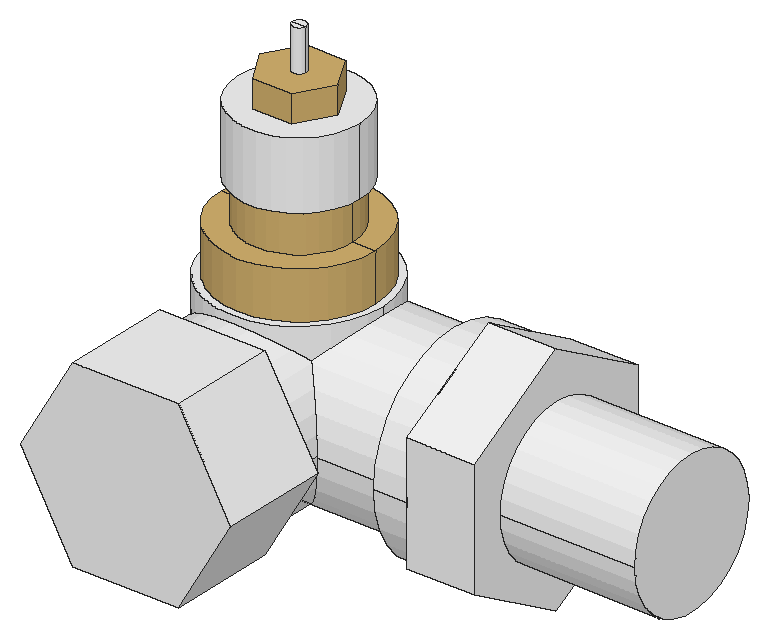
Revit family "RA-NCX_Double Angle_Left_DN15_RFA_1", category Pipe Accessories, Revit 2019
Family settings
  Round Connector Dimension = Use Diameter
  Part Type = Valve - Breaks Into
  OmniClass Number = 23.65.55.14.17
  OmniClass Title = Adjusting/Controlling Valves for Liquid Services
  Work Plane-Based = No
  Always vertical = Yes
  Cut with Voids When Loaded = No
  Shared = No
Parameters (values of type "RA-NCX_Double Angle_Left_DN15_013G4240")
  Weight = 0.31 kg
  Wa = 32 mm
  W = Wa + R_200_1  # 49.3 mm
  TD = R_200 * 2  # 30.6 mm
  Setting Range = "1-7,N"  # constant formula
  R_200_1 = 17.3 mm  # constant formula
  R_200 = 15.3 mm  # constant formula
  RV2 = 13 mm
  RV3 = 15 mm
  RV4 = 10.5 mm
  RB2 = 13 mm
  RB1 = 11.3 mm
  Pressure Drop [instance] = 0.0 bar
  Model Type = "RA-NCX_Double Angle_Left_DN15"
  Model = "013G4240"
  Max Operating Pressure = "10 bar"  # constant formula
  Max Medium Temperature = "120 ˚C"  # constant formula
  Max Differential Pressure = "0.6 bar"  # constant formula
  La = 58 mm
  LT2 = 30 mm  # constant formula
  LT1 = 27 mm  # constant formula
  LOD 350 = not(LOD 200)  # yes
  LOD 200 = no
  L6 = 16 mm
  L5 = 32 mm
  L3 = 3 mm
  L2 = 5 mm
  L4 = 10 mm
  L1 = 23 mm
  L = La + R_200  # 73.3 mm
  Kvs = 0.9 m³/h
  IfcExportType = "RA-NCX"  # constant formula
  IfcExportAs = "IfcValveType"  # constant formula
  Ha = 47 mm  # constant formula
  H1 = 7.5 mm
  Valve Body Material = Danfoss Brass (Chrome plated)
  URL = "https://store.danfoss.com/en/Climate-Solutions-for-heating/Radiator-Thermostats/Radiator-Valves/Build-on-valves/Presetting-valves/c/13866?q=%3Arelevance%3Adanfoss_producttypehierarchydesc%3ARA-NCX&text="
  RV1 = 13 mm
  Manufacturer = "Danfoss"  # constant formula
  RB3 = 11 mm
  HH = 22 mm
  H = Ha + R_200_1  # 64.3 mm
  Flow [instance] = 0.0 m³/h
  Description = "Thermostatic Radiator Valve"  # constant formula
  DB4 = 25 mm
  D = 15 mm
  Connection = "Internal Thread"  # constant formula
Reference planes
  plane 1 "Center (Front/Back)": y = 0
  plane 2 "XYPLANE": z = 0
  plane 3 "Center (Left/Right)": x = 0
  plane 4 "56": z = 47
  plane 5 "55": z = 27
  plane 6 "54": z = 7.5
  plane 7 "51": x = 0
  plane 8 "50": y = 0
  plane 9 "49": z = 0
  plane 10 "48": x = 28
  plane 11: z = 9
  plane 12: z = 14
  plane 13: z = 41
  plane 14: x = 58
  plane 15: x = 38
  plane 16: x = 23
  plane 17: z = 37
  plane 18: y = -32
  plane 19: y = -16
  plane 20: z = -13
  plane 21: x = -15.3
  plane 22: z = -17.3
  plane 23: y = 17.3
Forms (mm)
  Extrusion 1, solid, material "Danfoss Brass (Chrome plated)" <- "Valve Body Material", detail levels fine
    sketch origin (-750, 0, 27) x (1, 0, 0) y (0, 1, 0)
      loop
        circle (750, 0) r 9
    from 0 to 10
  Extrusion 2, solid, material "Danfoss Brass (Chrome plated)" <- "Valve Body Material", visible <- "LOD 350", detail levels fine
    sketch origin (0, 0, 0) x (1, 0, 0) y (0, 1, 0)
      loop
        circle (0, 0) r 12.5
    from 9 to 14
  Extrusion 3, solid, material "Danfoss Brass (Chrome plated)" <- "Valve Body Material", visible <- "LOD 350", detail levels fine
    sketch origin (0, 0, 0) x (1, 0, 0) y (0, 1, 0)
      loop
        circle (0, 0) r 11
    from 7.5 to 0
  Extrusion 4, solid, material "Danfoss Brass (Chrome plated)" <- "Valve Body Material", visible <- "LOD 350", detail levels fine
    sketch origin (16.7, -750, 0) x (0, 1, 0) y (0, 0, 1)
      loop
        circle (750, 0) r 13
    from 6.3 to -16.7
  Extrusion 5, solid, material "Danfoss Brass (Chrome plated)" <- "Valve Body Material", visible <- "LOD 350", detail levels fine
    sketch origin (28, -750, 0) x (0, 1, 0) y (0, 0, 1)
      loop
        line (750, 17.321) -> (735, 8.66) -> (735, -8.66) -> (750, -17.321) -> (765, -8.66) -> (765, 8.66) -> (750, 17.321)
    from 10 to 0
  Extrusion 6, solid, material "Danfoss Brass (Chrome plated)" <- "Valve Body Material", visible <- "LOD 350", detail levels fine
    sketch origin (28, -750, 0) x (0, 1, 0) y (0, 0, 1)
      loop
        circle (750, 0) r 15
    from 0 to -5
  Revolve 7, solid, material "Danfoss Brass", visible <- "LOD 350", detail levels fine
    sketch origin (0, 0, 0) x (1, 0, 0) y (0, 0, 1)
      loop
        line (0, 27) -> (0, 14) -> (11.4, 14) -> (11.4, 21) -> (8, 21) -> (8, 27) -> (0, 27)
      axis (0, 27) -> (0, 14)
    angle from 0 to 360
  Revolve 8, solid, material "Danfoss Brass (Chrome plated)" <- "Valve Body Material", detail levels fine
    sketch origin (0, 0, 0) x (1, 0, 0) y (0, 0, 1)
      loop
        line (0, 47) -> (0, 41) -> (1, 41) -> (1, 47) -> (0, 47)
      axis (0, 47) -> (0, 41)
    angle from 0 to 360
  Extrusion 9, solid, material "Danfoss Brass", visible <- "LOD 350", detail levels fine
    sketch origin (-750, 0, 0) x (1, 0, 0) y (0, 1, 0)
      loop
        line (747.113, 5) -> (744.226, 0) -> (747.113, -5) -> (752.887, -5) -> (755.774, 0) -> (752.887, 5) -> (747.113, 5)
    from 37 to 41
  Blend 10, solid, material "Danfoss Brass (Chrome plated)" <- "Valve Body Material", visible <- "LOD 350", detail levels fine
    base sketch origin (0, 0, 0) x (0, -1, 0) y (1, 0, 0)
      loop
        circle (0, 0) r 12.5
    top sketch origin (0, 0, 0) x (0, -1, 0) y (1, 0, 0)
      loop
        circle (0, 0) r 11
    from 9 to 7.5
  Extrusion 11, solid, material "Danfoss Brass (Chrome plated)" <- "Valve Body Material", detail levels fine
    sketch origin (28, -750, 0) x (0, 1, 0) y (0, 0, 1)
      loop
        circle (750, 0) r 10.5
    from 10 to 30
  Revolve 12, solid, material "Danfoss Brass (Chrome plated)" <- "Valve Body Material", visible <- "LOD 200", detail levels fine
    sketch origin (0, 0, 0) x (1, 0, 0) y (0, 0, 1)
      loop
        line (0, -13) -> (11, -13) -> (11, 14) -> (0, 14) -> (0, -13)
      axis (0, -13) -> (0, 14)
    angle from 0 to 360
  Revolve 13, solid, material "Danfoss Brass", visible <- "LOD 200", detail levels fine
    sketch origin (0, 0, 0) x (1, 0, 0) y (0, 0, 1)
      loop
        line (0, 27) -> (0, 14) -> (11.4, 14) -> (11.4, 27) -> (0, 27)
      axis (0, 27) -> (0, 14)
    angle from 0 to 360
  Extrusion 14, solid, material "Danfoss Brass (Chrome plated)" <- "Valve Body Material", visible <- "LOD 200", detail levels fine
    sketch origin (0, 0, 0) x (0, 1, 0) y (0, 0, 1)
      loop
        circle (0, 0) r 13
    from 0 to 28
  Revolve 15, solid, material "Danfoss Brass (Chrome plated)" <- "Valve Body Material", visible <- "LOD 350", detail levels fine
    sketch origin (0, 0, 0) x (0, 1, 0) y (0, 0, 1)
      loop
        line (0, 13) -> (0, -13)
        arc (0, -13) -> (13, 0) -> (0, 13) r 13
      axis (0, -13) -> (0, 13)
    angle from 0 to 360
  Extrusion 16, solid, material "Danfoss Brass (Chrome plated)" <- "Valve Body Material", detail levels fine
    sketch origin (0, 0, 0) x (1, 0, 0) y (0, 0, 1)
      loop
        circle (0, 0) r 13
    from 0 to 16
  Extrusion 17, solid, material "Danfoss Brass (Chrome plated)" <- "Valve Body Material", visible <- "LOD 350", detail levels fine
    sketch origin (0, 0, 0) x (1, 0, 0) y (0, 0, 1)
      loop
        line (-7.794, 13.5) -> (-15.588, 0) -> (-7.794, -13.5) -> (7.794, -13.5) -> (15.588, 0) -> (7.794, 13.5) -> (-7.794, 13.5)
    from 16 to 32
  Extrusion 18, solid, material "Danfoss Brass (Chrome plated)" <- "Valve Body Material", visible <- "LOD 200", detail levels fine
    sketch origin (0, 0, 0) x (1, 0, 0) y (0, 0, 1)
      loop
        circle (0, 0) r 15.3
    from 16 to 32
  Extrusion 19, solid, material "Danfoss Brass (Chrome plated)" <- "Valve Body Material", visible <- "LOD 200", detail levels fine
    sketch origin (0, 0, 0) x (0, 1, 0) y (0, 0, 1)
      loop
        circle (0, 0) r 17.3
    from 28 to 38
  Extrusion 20, solid, material "Danfoss Brass", visible <- "LOD 200", detail levels fine
    sketch origin (0, 0, 0) x (1, 0, 0) y (0, 1, 0)
      loop
        circle (0, 0) r 5.774
    from 37 to 41
Lines and regions (mm)
  reference lines, not visible
    curve 1: circle (2, 2, 0) r 1 normal (0, 0, 1)
  reference lines
    curve 2: line (28, 0, 0) -> (28, 2.625, -4.547)
    curve 3: line (28, 0, 0) -> (28, 5.25, 0)
    curve 4: line (28, 0, 0) -> (28, 2.625, 4.547)
Dimensions and locks
  plane 1 "Center (Front/Back)" to curve 1 = 2 mm
  "H1": plane 2 "XYPLANE" to plane 6 "54"
  locked: plane 3 "Center (Left/Right)" to plane 7 "51"
  locked: plane 1 "Center (Front/Back)" to plane 8 "50"
  locked: plane 2 "XYPLANE" to plane 9 "49"
  locked: plane 11 to plane 6 "54" at 1.5
  locked: plane 12 to plane 11 at 5
  "Ha": plane 4 "56" to level
  locked: plane 4 "56" to plane 13 at 6
  Revolve 7 sketch curve to Revolve 7 sketch curve = 11.4 mm
  Revolve 7 sketch curve to Revolve 7 sketch curve = 8 mm
  equal spacing: plane 5 "55", Revolve 7 sketch curve, plane 12
  equal spacing: Extrusion 9 sketch curve, plane 3 "Center (Left/Right)", Extrusion 9 sketch curve  (x2)
  Extrusion 9 sketch curve to Extrusion 9 sketch curve = 10 mm  (x3)
  equal spacing: Extrusion 9 sketch curve, plane 1 "Center (Front/Back)", Extrusion 9 sketch curve
  "La": plane 14 to plane 3 "Center (Left/Right)"
  "L4": plane 10 "48" to plane 15
  "L2": plane 16 to plane 10 "48"
  plane 10 "48" to plane 3 "Center (Left/Right)" = 28 mm
  locked: plane 17 to plane 5 "55" at 10
  locked: plane 5 "55" to plane 12 at 13
  "RB3": Revolve 12 sketch curve to Revolve 12 sketch curve
  equal spacing: Extrusion 5 sketch curve, plane 1 "Center (Front/Back)", Extrusion 5 sketch curve  (x3)
  "LT2": Extrusion 5 sketch curve to Extrusion 5 sketch curve  (x3)
  "L5": plane 18 to plane 1 "Center (Front/Back)"
  "L6": plane 19 to plane 1 "Center (Front/Back)"
  "LT1": Extrusion 17 sketch curve to Extrusion 17 sketch curve  (x3)
  equal spacing: Extrusion 17 sketch curve, level, Extrusion 17 sketch curve
  equal spacing: Extrusion 17 sketch curve, plane 3 "Center (Left/Right)", Extrusion 17 sketch curve  (x2)
  "RB2": level to plane 20
  "Wa": plane 1 "Center (Front/Back)" to plane 18
  "L1": plane 7 "51" to plane 16
  "H": plane 4 "56" to plane 22
  "L": plane 14 to plane 21
  "W": plane 18 to plane 23
  "DB4": diameter of Extrusion 2 sketch curve
  "RB3": radius of Extrusion 3 sketch curve
  "RV1": radius of Extrusion 4 sketch curve
  "RB3": radius of Blend 10 sketch curve
  radius of Extrusion 1 sketch curve = 9 mm
  "RV3": radius of Extrusion 6 sketch curve
  "RV4": radius of Extrusion 11 sketch curve
  "DB4": diameter of Blend 10 sketch curve
  "RV1": radius of Extrusion 14 sketch curve
  "RB2": radius of Revolve 15 sketch curve
  "RB2": radius of Extrusion 16 sketch curve
  "R_200": radius of Extrusion 18 sketch curve
  "R_200_1": radius of Extrusion 19 sketch curve
  radius of Extrusion 20 sketch curve = 5.774 mm
  locked: curve 3 to curve 2 (angle 60.00°)
  locked: curve 4 to curve 3 (angle 60.00°)
  locked: curve 4 to curve 2 (angle 120.00°)
  angle Extrusion 17 sketch curve to Extrusion 17 sketch curve = 120.00°  (x6)
  angle Extrusion 5 sketch curve to Extrusion 5 sketch curve = 120.00°  (x6)
  aligned and locked: level to plane 2 "XYPLANE"
  aligned and locked: plane 7 "51" to Extrusion 1 sketch curve
  aligned and locked: plane 8 "50" to Extrusion 1 sketch curve
  aligned and locked: plane 7 "51" to Extrusion 2 sketch curve
  aligned and locked: plane 8 "50" to Extrusion 2 sketch curve
  aligned and locked: plane 7 "51" to Extrusion 3 sketch curve
  aligned and locked: plane 8 "50" to Extrusion 3 sketch curve
  aligned and locked: Extrusion 4 sketch curve to plane 8 "50"
  aligned and locked: plane 9 "49" to Extrusion 4 sketch curve
  aligned and locked: curve 4 to plane 8 "50"
  aligned and locked: plane 9 "49" to curve 4
  aligned and locked: plane 9 "49" to Extrusion 6 sketch curve
  aligned and locked: Extrusion 2 to plane 11
  aligned and locked: plane 12 to Extrusion 2
  aligned and locked: Revolve 7 sketch curve to plane 7 "51"  (x2)
  aligned and locked: Revolve 7 sketch curve to plane 12
  aligned and locked: Revolve 7 sketch curve to plane 5 "55"
  aligned and locked: Extrusion 2 to Revolve 7 sketch curve
  aligned and locked: Revolve 8 sketch curve to plane 7 "51"
  aligned and locked: Revolve 8 sketch curve to plane 4 "56"
  aligned and locked: Revolve 8 sketch curve to plane 13
  aligned and locked: Revolve 8 sketch curve to plane 3 "Center (Left/Right)"
  aligned and locked: plane 13 to Extrusion 9
  aligned and locked: plane 6 "54" to Extrusion 3
  aligned and locked: plane 11 to Blend 10
  aligned and locked: Blend 10 to plane 6 "54"
  aligned and locked: Extrusion 6 to plane 16
  aligned and locked: plane 1 "Center (Front/Back)" to Extrusion 6 sketch curve
  aligned and locked: level to Extrusion 6 sketch curve
  aligned and locked: Extrusion 5 to plane 10 "48"
  aligned and locked: plane 15 to Extrusion 5
  aligned and locked: Extrusion 4 to plane 3 "Center (Left/Right)"
  aligned and locked: plane 1 "Center (Front/Back)" to Extrusion 11 sketch curve
  aligned and locked: level to Extrusion 11 sketch curve
  aligned and locked: Extrusion 11 to plane 15
  aligned and locked: plane 14 to Extrusion 11
  aligned and locked: Extrusion 9 to plane 17
  aligned and locked: plane 7 "51" to Blend 10 sketch curve
  aligned and locked: plane 8 "50" to Blend 10 sketch curve
  aligned and locked: Revolve 12 sketch curve to plane 3 "Center (Left/Right)"
  aligned and locked: Revolve 12 sketch curve to Revolve 12 sketch curve
  aligned and locked: Revolve 13 sketch curve to Revolve 13 sketch curve
  aligned and locked: Revolve 13 sketch curve to plane 12
  aligned and locked: level to Extrusion 14 sketch curve
  aligned and locked: plane 1 "Center (Front/Back)" to Extrusion 14 sketch curve
  aligned and locked: Extrusion 14 to plane 10 "48"
  aligned and locked: Extrusion 3 to level
  aligned and locked: plane 1 "Center (Front/Back)" to Revolve 15 sketch curve  (x2)
  aligned and locked: level to Revolve 15 sketch curve
  aligned and locked: Revolve 15 sketch curve to plane 1 "Center (Front/Back)"
  aligned and locked: plane 3 "Center (Left/Right)" to Extrusion 16 sketch curve
  aligned and locked: level to Extrusion 16 sketch curve
  aligned and locked: Extrusion 16 to plane 19
  aligned and locked: Extrusion 17 to plane 18
  aligned and locked: plane 19 to Extrusion 17
  aligned and locked: plane 12 to Revolve 12
  aligned and locked: plane 20 to Revolve 12
  aligned and locked: Extrusion 18 to plane 18
  aligned and locked: plane 19 to Extrusion 18
  aligned and locked: plane 3 "Center (Left/Right)" to Extrusion 18 sketch curve
  aligned and locked: level to Extrusion 18 sketch curve
  aligned and locked: level to Extrusion 19 sketch curve
  aligned and locked: plane 1 "Center (Front/Back)" to Extrusion 19 sketch curve
  aligned and locked: Extrusion 19 to plane 10 "48"
  aligned and locked: plane 15 to Extrusion 19
  aligned and locked: Revolve 13 sketch curve to plane 5 "55"
  aligned and locked: plane 7 "51" to Extrusion 20 sketch curve
  aligned and locked: plane 8 "50" to Extrusion 20 sketch curve
  aligned and locked: Extrusion 20 to plane 17
  aligned and locked: plane 13 to Extrusion 20
  aligned and locked: plane 16 to Extrusion 4
  aligned and locked: plane 1 "Center (Front/Back)" to nested 1
  aligned and locked: plane 3 "Center (Left/Right)" to nested 1  (x2)
Automatic sketch dimensions
  plane 3 "Center (Left/Right)" to curve 1 = 2 mm
  Revolve 7 sketch curve to plane 5 "55" = 6 mm
  Revolve 7 sketch curve to Revolve 7 sketch curve = 2.268 mm
  plane 3 "Center (Left/Right)" to Revolve 8 sketch curve = 1 mm
  Revolve 8 sketch curve to plane 13 = 1.62 mm
  plane 4 "56" to Revolve 8 sketch curve = 3.114 mm
  plane 1 "Center (Front/Back)" to Extrusion 9 sketch curve = 0 mm
  Extrusion 9 sketch curve to plane 3 "Center (Left/Right)" = 5.774 mm
  Revolve 13 sketch curve to plane 13 = 0 mm
  level to Revolve 13 sketch curve = 2.863 mm
  Revolve 13 sketch curve to plane 3 "Center (Left/Right)" = 0 mm
  plane 3 "Center (Left/Right)" to Revolve 13 sketch curve = 11.4 mm
  plane 1 "Center (Front/Back)" to Blend 10 sketch curve = 0 mm
  Blend 10 sketch curve to plane 3 "Center (Left/Right)" = 0 mm
  Revolve 12 sketch curve to plane 20 = 0 mm
  Revolve 12 sketch curve to plane 12 = 0 mm  (x2)
  Revolve 12 sketch curve to plane 20 = 1 mm
  Revolve 15 sketch curve to plane 12 = 0 mm
  Revolve 15 sketch curve to plane 22 = 0.7 mm
  Extrusion 16 sketch curve to level = 0 mm
  radius of curve 1 = 1 mm
Nested families
  nested 1: "Schematic_TRV_Angle Left" at (0, 0, 0), type "Schematic_TRV_Angle Left", detail levels coarse+medium
Connectors
  piping at (0, -32, 0), diameter 15, driven by "D", driven by "Flow"
    settings: on Extrusion 17, index 1, connector inside diameter 609.6 mm, connector length 0 mm, flow factor 0, pipe flow 0.0 m³/h, pressure drop 0.0 bar, fitting loss kfactor 0, connector angle 0.00°, fixture units 0, engagement length 0 mm, angle of deflection 0.00°, flow configuration 0, flow direction 1, fitting loss method 0, system type 29, joint type 0, gender type 0, connector reference index 2, connector utility 0, adjustable connector no, is connector primary yes, connector description ""
  piping at (28, 0, 0), diameter 15, driven by "D", driven by "Flow"
    settings: on Extrusion 6, index 2, connector inside diameter 609.6 mm, connector length 0 mm, flow factor 0, pipe flow 0.0 m³/h, pressure drop 0.0 bar, fitting loss kfactor 0, connector angle 0.00°, fixture units 0, engagement length 0 mm, angle of deflection 0.00°, flow configuration 0, flow direction 2, fitting loss method 0, system type 29, joint type 0, gender type 0, connector reference index 1, connector utility 0, adjustable connector no, is connector primary no, connector description ""
Definition of nested family "Schematic_TRV_Angle Left"
  Parameters (values of type "Schematic_TRV_Angle Left")
    L2 = 27 mm
    L1 = 33.5 mm
    HT = 33 mm
    LA = 4 / 5 * D  # 17.6 mm
    D = 22 mm
  Reference planes
    plane 1 "Center (Front/Back)": y = 0
    plane 2: z = 0
    plane 3 "Center (Left/Right)": x = 0
    plane 4: z = 11
    plane 5: z = -11
    plane 6: y = 11
    plane 7: y = -11
    plane 8: x = -8.8
    plane 9: x = 8.8
    plane 10 "centerline": z = 0
    plane 11: z = -7.5
    plane 12: z = 33
    plane 13: y = -22
    plane 14: z = 11
    plane 15: z = -11
    plane 16: y = -27
    plane 17: y = -23.71
    plane 18: x = -11
    plane 19: x = 11
    plane 20: x = -8.8
    plane 21: x = 8.8
    plane 22: y = 33
    plane 23: x = 22
    plane 24: x = 33.5
  Lines and regions (mm)
    model lines
      curve 1: line (0, -22, 11) -> (0, -22, -11)
      curve 2: line (0, -22, 11) -> (0, 0, 0)
      curve 3: line (0, -22, -11) -> (0, 0, 0)
      curve 4: line (0, -27, 0) -> (0, -22, 0)
      curve 9: line (0, 0, 0) -> (0, 0, 33)
      curve 10: line (-8.8, 0, 33) -> (8.8, 0, 33)
      curve 13: line (22, 0, 11) -> (22, 0, -11)
      curve 14: line (22, 0, -11) -> (0, 0, 0)
      curve 15: line (0, 0, 0) -> (22, 0, 11)
      curve 16: line (22, 0, 0) -> (33.5, 0, 0)
    symbolic lines
      curve 5: line (-11, -22, 0) -> (0, 0, 0)
      curve 6: line (0, 0, 0) -> (11, -22, 0)
      curve 7: line (11, -22, 0) -> (-11, -22, 0)
      curve 8: line (0, -27, 0) -> (0, -22, 0)
      curve 11: line (-8.8, 33, 0) -> (8.8, 33, 0)
      curve 12: line (0, 0, 0) -> (0, 33, 0)
      curve 17: line (0, 0, 0) -> (22, 11, 0)
      curve 18: line (22, 11, 0) -> (22, -11, 0)
      curve 19: line (22, -11, 0) -> (0, 0, 0)
      curve 20: line (22, 0, 0) -> (33.5, 0, 0)
  Dimensions and locks
    "D": plane 4 to plane 5
    equal spacing: plane 4, level, plane 5
    "D": plane 7 to plane 6
    equal spacing: plane 7, plane 1 "Center (Front/Back)", plane 6
    "LA": plane 9 to plane 8
    equal spacing: plane 9, plane 3 "Center (Left/Right)", plane 8
    "D": plane 13 to plane 1 "Center (Front/Back)"
    equal spacing: plane 14, level, plane 15
    "D": plane 14 to plane 15
    "L2": plane 16 to plane 1 "Center (Front/Back)"
    "D": plane 18 to plane 19
    equal spacing: plane 18, plane 3 "Center (Left/Right)", plane 19
    "HT": plane 12 to level
    equal spacing: plane 20, plane 3 "Center (Left/Right)", plane 21
    "LA": plane 20 to plane 21
    plane 16 to plane 1 "Center (Front/Back)" = 27 mm
    "HT": plane 1 "Center (Front/Back)" to plane 22
    "D": plane 23 to plane 3 "Center (Left/Right)"
    "L1": plane 24 to plane 3 "Center (Left/Right)"
    aligned and locked: level to plane 2
    aligned and locked: plane 13 to curve 1
    aligned and locked: plane 15 to curve 1
    aligned and locked: plane 14 to curve 1
    aligned and locked: curve 4 to level
    aligned and locked: plane 16 to curve 4
    aligned and locked: plane 13 to curve 4
    aligned and locked: plane 16 to curve 8
    aligned and locked: plane 13 to curve 8
    aligned and locked: plane 3 "Center (Left/Right)" to curve 9
    aligned and locked: level to curve 9
    aligned and locked: plane 12 to curve 9
    aligned and locked: plane 20 to curve 10
    aligned and locked: plane 21 to curve 10
    aligned and locked: plane 22 to curve 11
    aligned and locked: plane 8 to curve 11
    aligned and locked: plane 9 to curve 11
    aligned and locked: plane 3 "Center (Left/Right)" to curve 12
    aligned and locked: plane 22 to curve 12
    aligned and locked: curve 13 to plane 23
    aligned and locked: plane 24 to curve 16
    aligned and locked: plane 23 to curve 16
    aligned and locked: curve 16 to level
    aligned and locked: curve 18 to plane 23
    aligned and locked: plane 24 to curve 20
    aligned and locked: plane 23 to curve 20
    aligned and locked: plane 1 "Center (Front/Back)" to curve 20
  Automatic sketch dimensions
    curve 3 to level = 0 mm
    curve 3 to plane 1 "Center (Front/Back)" = 0 mm
    curve 14 to plane 5 = 0 mm
    curve 15 to plane 4 = 0 mm
    curve 7 to plane 18 = 0 mm
    curve 8 to plane 3 "Center (Left/Right)" = 0 mm
    curve 6 to plane 19 = 0 mm
    plane 7 to curve 18 = 0 mm
    plane 6 to curve 18 = 0 mm
